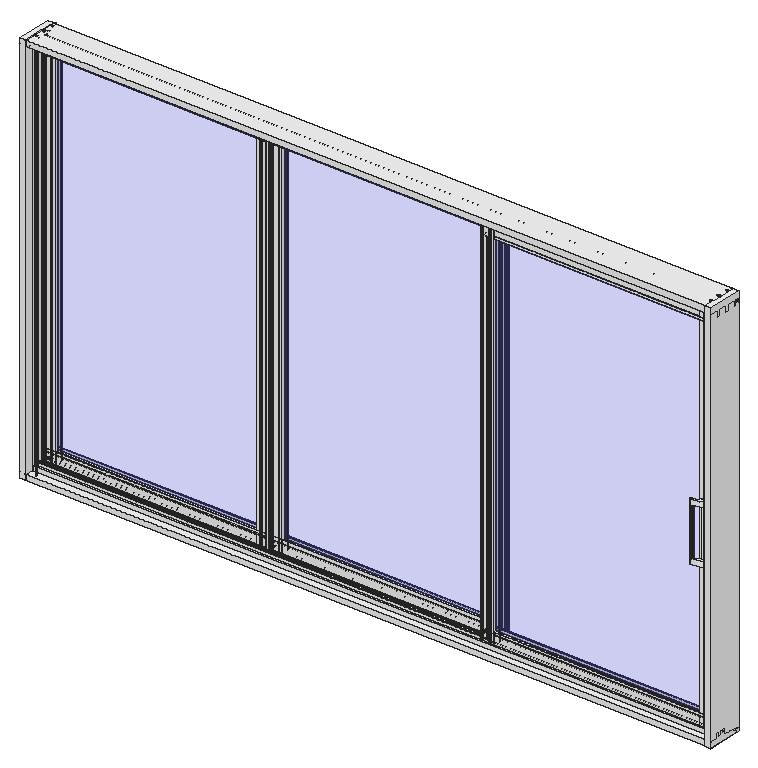
Revit family "Patio-Door_R-550-2-0_3-Light_XOO_7in_Novatech", category Doors, host Wall, Revit 2026
Family settings
  Host = Wall
  Classification Number = 23.30.10.00
  Always vertical = Yes
  Cut with Voids When Loaded = No
  Shared = No
  Room Calculation Point = No
Parameters (values of type "141 7/8"W X 81"H")
  Width Sash X = Width / 3  # 47.29167"
  Width Sash O = Width / 3  # 47.29167"
  Specification = "https://www.arcat.com/company/novatech-group-51586/spec"
  Product Page URL = "https://www.arcat.com/arcatcos/cos51/arc51586.html"
  Model_Sash to Reference Line = (Width - 2 37/128") / 3  # 46.52865"
  View Handle = yes
  URL = "https://www.groupenovatech.com/en_canada_ontario/products/patio‐doors/550.html"
  Thickness = 7 1/4"
  Rough Width = Width + 1/2"  # 142 3/8"
  Rough Height = Height + 1/2"  # 81 1/2"
  Panel Material = Glass
  Model = "550"
  Manufacturer = "Novatech"
  Look Handle = yes
  Keynote = "08 32 00"
  Height Sash X = Height - 3 37/64"  # 77 27/64"
  Height Sash O = Height - 3 37/64"  # 77 27/64"
  Hardware Material = Aluminum
  Handle Height = 38"
  Function = Interior
  Height = 81"
  Wall Closure = By host
  Width = 141 7/8"
  Frame Material = Aluminum
  Description = ""
  Define Thermal Properties by = Schematic Type
  Copyright = "ARCAT"
  CAD Details = "https://www.arcat.com/company/novatech-group-51586/cad"
  Analytic Construction = "<None>"
Reference planes (in)
  plane 1 "Center (Front/Back)": y = 0
  plane 2 "Center (Left/Right)": x = 0
  plane 3 "Left": x = -70.9375
  plane 4 "Right": x = 70.9375
  plane 5 "Top": z = 81
  plane 6 "Exterior": y = 4
  plane 7 "Interior": y = -4
  plane 8 "Panel 1": y = 1.34022
  plane 9 "Panel 2": y = -0.84628
  plane 10: x = -69.79183
  plane 11: z = 1.6351
  plane 12: z = 79.05697
  plane 13: x = 69.79179
  plane 14: z = 38
  plane 15: x = -23.26319
  plane 16: x = 23.26315
Text (in)
  text "Exterior" at (-104.41165, 27.31104, 0), in view "Ref. Level"
  text "Interior" at (-104.41165, -25.14366, 0), in view "Ref. Level"
  text "Exterior" at (0, 40.15149, 123.01588), in view "Right"
  text "Interior" at (0, -64.39139, 123.01588), in view "Right"
  text "Interior" at (0, -31.01599, 123.00693), in view "Left"
  text "Exterior" at (0, 54.57065, 123.00693), in view "Left"
Dimensions and locks (in)
  "Model_Sash to Reference Line": plane 10 to plane 15
  "Model_Sash to Reference Line": plane 16 to plane 13
  locked: plane 3 "Left" to plane 10 at 1.14567
  locked: plane 13 to plane 4 "Right" at 1.14571
  "Height": plane 5 "Top" to level
  "Handle Height": plane 14 to level
  "Width": plane 3 "Left" to plane 4 "Right"
  equal spacing: plane 3 "Left", plane 2 "Center (Left/Right)", plane 4 "Right"
  "Height Sash O": plane 12 to plane 11
  locked: nested 3 to plane 4 "Right" at 2.74072  (x2)
  locked: nested 2 to plane 4 "Right" at 2.74072
  locked: plane 11 to level at 1.6351
  locked: nested 2 to plane 9 "Panel 2" at 0.76968
  locked: plane 9 "Panel 2" to nested 3 at 0.8878
  locked: plane 7 "Interior" to plane 9 "Panel 2" at 3.15372
  locked: plane 7 "Interior" to plane 8 "Panel 1" at 5.34022
  aligned and locked: plane 6 "Exterior" to host wall
  aligned and locked: plane 7 "Interior" to host wall
  aligned and locked: plane 4 "Right" to nested 1  (x2)
  aligned and locked: nested 6 to plane 15
  aligned and locked: nested 4 to plane 15
  aligned and locked: plane 16 to nested 6
  aligned and locked: plane 16 to nested 5
  aligned and locked: plane 13 to nested 1
  aligned and locked: plane 9 "Panel 2" to nested 5
  aligned and locked: plane 8 "Panel 1" to nested 6
  aligned and locked: plane 8 "Panel 1" to nested 4
  aligned and locked: nested 5 to plane 11
  aligned and locked: nested 5 to plane 12
  aligned and locked: nested 6 to plane 12
  aligned and locked: plane 11 to nested 6
  aligned and locked: plane 11 to nested 4
  aligned and locked: nested 4 to plane 12
  aligned and locked: plane 7 "Interior" to nested 1
  aligned and locked: nested 1 to plane 3 "Left"
  aligned and locked: plane 14 to nested 3
  aligned and locked: plane 14 to nested 2
Nested families (in)
  nested 1: "NOVATECH_R-550 (2.0)_3 LIGHT_XOO_7in_DOOR FRAME" at (0, 0, 0), type "DOOR FRAME"
    with Width 141 7/8"
  nested 2: "NOVATECH_R-550 (2.0)_3 LIGHT_XOO_7in_LOOK HANDLE" at (68.19678, -1.73408, 32) x (-1, 0, 0) z (0, 0, 1), visible <- "Look Handle", type "LOOK HANDLE"
  nested 3: "NOVATECH_R-550 (2.0)_3 LIGHT_XOO_7in_VIEW HANDLE" at (68.19678, -1.73408, 32) x (-1, 0, 0) z (0, 0, 1), visible <- "View Handle", type "VIEW HANDLE"
  nested 4: "NOVATECH_R-550 (2.0)_3 LIGHT_XOO_7in_SASH_O_RIGHT" at (-46.52751, 2.11172, 1.6351) x (-1, 0, 0) z (0, 0, 1), type "SASH_O_RIGHT"
    with Height 77 27/64"
  nested 5: "NOVATECH_R-550 (2.0)_3 LIGHT_XOO_7in_SASH_X" at (46.52747, -0.0766, 1.6351) x (-1, 0, 0) z (0, 0, 1), type "SASH_X"
    with Height 77 27/64"
  nested 6: "NOVATECH_R-550 (2.0)_3 LIGHT_XOO_7in_SASH_O_MID" at (0.00114, 2.10991, 1.6351) x (-1, 0, 0) z (0, 0, 1), type "SASH_O_MID"
    with Height 77 27/64"
Definition of nested family "NOVATECH_R-550 (2.0)_3 LIGHT_XOO_7in_DOOR FRAME"
  Parameters (values of type "DOOR FRAME")
    Function = (empty or 0)
    Height = 81"
    Wall Closure = (empty or 0)
    Width = 82 1/2"
    Frame Thickness = 7.24409"
    Frame Material = none
    Define Thermal Properties by = 1
    Analytic Construction = "<None>"
  Reference planes (in)
    plane 1 "Center (Front/Back)": y = 0
    plane 2 "Center (Left/Right)": x = 0
    plane 3 "Left": x = -41.25
    plane 4 "Right": x = 41.25
    plane 5 "Top": z = 81
    plane 6 "Exterior": y = 4
    plane 7 "Interior": y = -4
    plane 8: y = -3.24409
  Lines and regions (in)
    Opening 1
      outline origin (-90, -4, 0) x (1, 0, 0) y (0, 0, 1)
        loop
          line (48.75, 0) -> (131.25, 0) -> (131.25, 81) -> (48.75, 81) -> (48.75, 0)
  Text (in)
    text "Exterior" at (-74.96733, 27.31104, 0), in view "Ref. Level"
    text "Interior" at (-74.96733, -25.14366, 0), in view "Ref. Level"
    text "Exterior" at (0, 40.15149, 123.01588), in view "Right"
    text "Interior" at (0, -64.39139, 123.01588), in view "Right"
    text "Interior" at (0, -31.01599, 123.00693), in view "Left"
    text "Exterior" at (0, 54.57065, 123.00693), in view "Left"
  Dimensions and locks (in)
    equal spacing: plane 3 "Left", plane 2 "Center (Left/Right)", plane 4 "Right"
    "Height": level to plane 5 "Top"
    "Width": plane 3 "Left" to plane 4 "Right"
    "Frame Thickness": plane 6 "Exterior" to plane 8
    aligned and locked: plane 3 "Left" to Opening 1 sketch curve
    aligned and locked: plane 5 "Top" to Opening 1 sketch curve  (x2)
    aligned and locked: Opening 1 sketch curve to plane 4 "Right"
    aligned and locked: Opening 1 sketch curve to level
    aligned and locked: plane 6 "Exterior" to host wall
    aligned and locked: plane 7 "Interior" to host wall
    aligned and locked: nested 2 to plane 3 "Left"
    aligned and locked: nested 2 to plane 4 "Right"
    aligned and locked: nested 3 to plane 6 "Exterior"
    aligned and locked: plane 3 "Left" to nested 3
    aligned and locked: level to nested 2
    aligned and locked: nested 2 to plane 6 "Exterior"
    aligned and locked: plane 6 "Exterior" to nested 1
    aligned and locked: nested 1 to plane 5 "Top"
    aligned and locked: nested 1 to plane 3 "Left"
    aligned and locked: plane 4 "Right" to nested 1
    aligned and locked: plane 6 "Exterior" to nested 4
    aligned and locked: plane 4 "Right" to nested 4
  Nested families (in)
    nested 1: "HEADER PROFILE" at (-41.25, 4.1877, 81), type "HEADER PROFILE"
      with Length 82 1/2"
    nested 2: "NOVATECH_650_2 LIGHT_SILL PROFILE" at (41.25, 4, 0) x (-1, 0, 0) z (0, 0, 1), type "SILL PROFILE"
      with built-in parameter 1001306 6.875 (stored number, unit not read)
    nested 3: "NOVATECH 650_2 LIGHT_DOOR FRAME_LEFT" at (-41.25, 4, 0) x (0, -1, 0) z (0, 0, 1), type "NOVATECH 650_2 LIGHT_DOOR FRAME_LEFT"
    nested 4: "NOVATECH 650_2 LIGHT_DOOR FRAME_RIGHT" at (41.25, 4, 0) x (0, -1, 0) z (0, 0, 1), type "NOVATECH 650_2 LIGHT_DOOR FRAME_RIGHT"
  Definition of nested family "HEADER PROFILE"
    Parameters (values of type "HEADER PROFILE")
      Length [instance] = 12"
      Frame Material = none
      Default Elevation = 0"
    Reference planes (in)
      plane 1 "Center (Front/Back)": y = -0.1877
      plane 2: z = 0
      plane 3 "Center (Left/Right)": x = 0
      plane 4: x = 12
    Forms (in)
      Extrusion 1, solid, material <- "Frame Material"
        sketch origin (0, -7.24409, -4.50465) x (0, 1, 0) y (0, 0, 1)
          loop
            line (5.13279, 3.29203) -> (7.0564, 3.29203) -> (7.0564, 4.50465) -> (-0.1877, 4.50465) -> (-0.1877, 2.55546)
            arc (-0.1877, 2.55546) -> (-0.1552, 2.52297) -> (-0.1227, 2.55547) r 0.0325
            line (-0.1227, 2.55547) -> (-0.12276, 3.29129) -> (0.25521, 3.29129) -> (0.25521, 2.84166)
            arc (0.25521, 2.84166) -> (0.26685, 2.81816) -> (0.29261, 2.8132) r 0.02953
            arc (0.29261, 2.8132) -> (0.31836, 2.81816) -> (0.33, 2.84166) r 0.02953
            line (0.33, 2.84166) -> (0.33, 3.29129) -> (0.69423, 3.29129) -> (0.69423, 2.19955)
            arc (0.69423, 2.19955) -> (0.7118, 2.15713) -> (0.75422, 2.13956) r 0.05999
            line (0.75422, 2.13956) -> (0.81522, 2.13956)
            arc (0.81522, 2.13956) -> (0.85764, 2.15713) -> (0.87521, 2.19955) r 0.05999
            line (0.87521, 2.19955) -> (0.87521, 2.25259)
            arc (0.87521, 2.25259) -> (0.84972, 2.26998) -> (0.82422, 2.25259) r 0.02739
            line (0.82422, 2.25259) -> (0.82422, 2.20455) -> (0.77268, 2.20455)
            arc (0.77268, 2.20455) -> (0.75528, 2.2213) -> (0.75922, 2.24512) r 0.02594
            arc (0.75922, 2.24512) -> (0.77544, 2.26759) -> (0.75922, 2.29005) r 0.02367
            line (0.75922, 2.29005) -> (0.75922, 2.33559)
            arc (0.75922, 2.33559) -> (0.77473, 2.35806) -> (0.75922, 2.38052) r 0.02403
            line (0.75922, 2.38052) -> (0.75922, 2.42611)
            arc (0.75922, 2.42611) -> (0.7747, 2.44857) -> (0.75922, 2.47104) r 0.02404
            arc (0.75922, 2.47104) -> (0.75299, 2.49662) -> (0.77468, 2.51157) r 0.02321
            line (0.77468, 2.51157) -> (0.82422, 2.51157) -> (0.82422, 2.46357)
            arc (0.82422, 2.46357) -> (0.84972, 2.44456) -> (0.87521, 2.46357) r 0.0266
            line (0.87521, 2.46357) -> (0.87521, 3.29129) -> (2.68703, 3.29129) -> (2.68703, 2.46238)
            arc (2.68703, 2.46238) -> (2.71103, 2.44596) -> (2.73803, 2.45675) r 0.03088
            line (2.73803, 2.45675) -> (2.73803, 2.49661)
            arc (2.73803, 2.49661) -> (2.76353, 2.51731) -> (2.78902, 2.49661) r 0.02605
            line (2.78902, 2.49661) -> (2.78902, 2.21955)
            arc (2.78902, 2.21955) -> (2.76353, 2.20165) -> (2.73803, 2.21955) r 0.02711
            line (2.73803, 2.21955) -> (2.73803, 2.25254)
            arc (2.73803, 2.25254) -> (2.71253, 2.26976) -> (2.68703, 2.25254) r 0.02749
            line (2.68703, 2.25254) -> (2.68703, 2.19955)
            arc (2.68703, 2.19955) -> (2.70461, 2.15713) -> (2.74703, 2.13956) r 0.05999
            line (2.74703, 2.13956) -> (2.98101, 2.13956)
            arc (2.98101, 2.13956) -> (3.02343, 2.15713) -> (3.041, 2.19955) r 0.05999
            line (3.041, 2.19955) -> (3.041, 2.25254)
            arc (3.041, 2.25254) -> (3.0155, 2.27015) -> (2.99, 2.25254) r 0.02726
            line (2.99, 2.25254) -> (2.99, 2.21955)
            arc (2.99, 2.21955) -> (2.96451, 2.20197) -> (2.93901, 2.21955) r 0.02728
            line (2.93901, 2.21955) -> (2.93901, 2.49661)
            arc (2.93901, 2.49661) -> (2.96451, 2.51514) -> (2.99, 2.49661) r 0.02681
            line (2.99, 2.49661) -> (2.99, 2.46362)
            arc (2.99, 2.46362) -> (3.0155, 2.44518) -> (3.041, 2.46362) r 0.02685
            line (3.041, 2.46362) -> (3.041, 3.29129) -> (4.85282, 3.29129) -> (4.85282, 2.60608) -> (4.85282, 2.46358)
            arc (4.85282, 2.46358) -> (4.87832, 2.44433) -> (4.90382, 2.46358) r 0.02651
            line (4.90382, 2.46358) -> (4.90382, 2.49665)
            arc (4.90382, 2.49665) -> (4.92931, 2.51514) -> (4.95481, 2.49665) r 0.02682
            line (4.95481, 2.49665) -> (4.95481, 2.21951)
            arc (4.95481, 2.21951) -> (4.92931, 2.20154) -> (4.90382, 2.21951) r 0.02707
            line (4.90382, 2.21951) -> (4.90382, 2.25258)
            arc (4.90382, 2.25258) -> (4.87832, 2.2698) -> (4.85282, 2.25258) r 0.02749
            line (4.85282, 2.25258) -> (4.85282, 2.1994)
            arc (4.85282, 2.1994) -> (4.87035, 2.15709) -> (4.91266, 2.13956) r 0.05984
            line (4.91266, 2.13956) -> (5.09278, 2.13956)
            arc (5.09278, 2.13956) -> (5.12107, 2.15127) -> (5.13278, 2.17956) r 0.04
            line (5.13278, 2.17956) -> (5.13279, 3.29203)
        from 0 to 12
    Dimensions and locks (in)
      "Length": plane 3 "Center (Left/Right)" to plane 4
      aligned and locked: plane 2 to level
      aligned and locked: Extrusion 1 to plane 4
      aligned and locked: Extrusion 1 to plane 3 "Center (Left/Right)"
    Automatic sketch dimensions
      Extrusion 1 sketch curve to level = 0"
      plane 1 "Center (Front/Back)" to Extrusion 1 sketch curve = 7.24409"
      Extrusion 1 sketch curve to Extrusion 1 sketch curve = 0.0325"  (x2)
      Extrusion 1 sketch curve to Extrusion 1 sketch curve = 0.03244"
      Extrusion 1 sketch curve to Extrusion 1 sketch curve = 0.37797"
      Extrusion 1 sketch curve to Extrusion 1 sketch curve = 0"  (x15)
      Extrusion 1 sketch curve to Extrusion 1 sketch curve = 0.02953"  (x2)
      Extrusion 1 sketch curve to Extrusion 1 sketch curve = 0.01574"
      Extrusion 1 sketch curve to Extrusion 1 sketch curve = 0.0748"
      Extrusion 1 sketch curve to Extrusion 1 sketch curve = 0.36423"
      Extrusion 1 sketch curve to Extrusion 1 sketch curve = 0.05643"
      Extrusion 1 sketch curve to Extrusion 1 sketch curve = 0.00004"
      Extrusion 1 sketch curve to Extrusion 1 sketch curve = 0.05754"
      Extrusion 1 sketch curve to Extrusion 1 sketch curve = 0.05999"  (x2)
      Extrusion 1 sketch curve to Extrusion 1 sketch curve = 0.00745"
      Extrusion 1 sketch curve to Extrusion 1 sketch curve = 0.00852"
      Extrusion 1 sketch curve to Extrusion 1 sketch curve = 0.01845"
      Extrusion 1 sketch curve to Extrusion 1 sketch curve = 0.02402"
      Extrusion 1 sketch curve to Extrusion 1 sketch curve = 0.00722"
      Extrusion 1 sketch curve to Extrusion 1 sketch curve = 0.04254"
      Extrusion 1 sketch curve to Extrusion 1 sketch curve = 0.009"  (x4)
      Extrusion 1 sketch curve to Extrusion 1 sketch curve = 0.04954"
      Extrusion 1 sketch curve to Extrusion 1 sketch curve = 0.0255"  (x24)
      Extrusion 1 sketch curve to Extrusion 1 sketch curve = 0.18098"
      Extrusion 1 sketch curve to Extrusion 1 sketch curve = 1.81182"  (x2)
      Extrusion 1 sketch curve to Extrusion 1 sketch curve = 0.02738"
      Extrusion 1 sketch curve to Extrusion 1 sketch curve = 0.02361"
      Extrusion 1 sketch curve to level = 2.00804"
      Extrusion 1 sketch curve to level = 2.2851"
      Extrusion 1 sketch curve to Extrusion 1 sketch curve = 0.14999"
      Extrusion 1 sketch curve to Extrusion 1 sketch curve = 0.0165"
      Extrusion 1 sketch curve to level = 1.21336"
      Extrusion 1 sketch curve to Extrusion 1 sketch curve = 0.00885"  (x2)
      Extrusion 1 sketch curve to level = 2.008"
      Extrusion 1 sketch curve to level = 2 73/256"
      Extrusion 1 sketch curve to Extrusion 1 sketch curve = 0.13797"
      Extrusion 1 sketch curve to level = 2.32509"
      Extrusion 1 sketch curve to Extrusion 1 sketch curve = 0.04"  (x2)
      Extrusion 1 sketch curve to level = 1.21262"
      Extrusion 1 sketch curve to Extrusion 1 sketch curve = 0.27997"
      Extrusion 1 sketch curve to Extrusion 1 sketch curve = 1.9236"
      Extrusion 1 sketch curve to Extrusion 1 sketch curve = 0.07999"  (x2)
      Extrusion 1 sketch curve to Extrusion 1 sketch curve = 0.07995"
      Extrusion 1 sketch curve to Extrusion 1 sketch curve = 0.005"
      Extrusion 1 sketch curve to Extrusion 1 sketch curve = 0.02"
      Extrusion 1 sketch curve to Extrusion 1 sketch curve = 0.0091"
      Extrusion 1 sketch curve to Extrusion 1 sketch curve = 0.0092"
      Extrusion 1 sketch curve to Extrusion 1 sketch curve = 0.00969"
      Extrusion 1 sketch curve to Extrusion 1 sketch curve = 0.02491"
      Extrusion 1 sketch curve to Extrusion 1 sketch curve = 0.02272"
      Extrusion 1 sketch curve to Extrusion 1 sketch curve = 0.0228"
      Extrusion 1 sketch curve to Extrusion 1 sketch curve = 0.03804"
      Extrusion 1 sketch curve to Extrusion 1 sketch curve = 0.02334"
      Extrusion 1 sketch curve to Extrusion 1 sketch curve = 0.01027"
      Extrusion 1 sketch curve to Extrusion 1 sketch curve = 0.00965"
      Extrusion 1 sketch curve to Extrusion 1 sketch curve = 0.01026"
      Extrusion 1 sketch curve to Extrusion 1 sketch curve = 0.01"
      Extrusion 1 sketch curve to Extrusion 1 sketch curve = 0.03813"
      Extrusion 1 sketch curve to Extrusion 1 sketch curve = 0.02246"  (x3)
      Extrusion 1 sketch curve to Extrusion 1 sketch curve = 0.04554"
      Extrusion 1 sketch curve to Extrusion 1 sketch curve = 0.04558"
      Extrusion 1 sketch curve to Extrusion 1 sketch curve = 0.03986"
      Extrusion 1 sketch curve to Extrusion 1 sketch curve = 0.00563"
      Extrusion 1 sketch curve to Extrusion 1 sketch curve = 0.03746"
      Extrusion 1 sketch curve to Extrusion 1 sketch curve = 0.03306"
      Extrusion 1 sketch curve to Extrusion 1 sketch curve = 0.21108"
      Extrusion 1 sketch curve to Extrusion 1 sketch curve = 0.00726"
      Extrusion 1 sketch curve to Extrusion 1 sketch curve = 0.00759"
      Extrusion 1 sketch curve to Extrusion 1 sketch curve = 0.0084"
      Extrusion 1 sketch curve to Extrusion 1 sketch curve = 0.00833"
      Extrusion 1 sketch curve to Extrusion 1 sketch curve = 0.02471"
      Extrusion 1 sketch curve to Extrusion 1 sketch curve = 0.03978"
      Extrusion 1 sketch curve to Extrusion 1 sketch curve = 0.00535"
      Extrusion 1 sketch curve to Extrusion 1 sketch curve = 0.00828"
      Extrusion 1 sketch curve to Extrusion 1 sketch curve = 0.0404"
      Extrusion 1 sketch curve to Extrusion 1 sketch curve = 0.10689"
      Extrusion 1 sketch curve to Extrusion 1 sketch curve = 0.10943"
      Extrusion 1 sketch curve to Extrusion 1 sketch curve = 0.28619"
      Extrusion 1 sketch curve to Extrusion 1 sketch curve = 0.44963"
      Extrusion 1 sketch curve to Extrusion 1 sketch curve = 0.79468"
  Definition of nested family "NOVATECH_650_2 LIGHT_SILL PROFILE"
    Parameters (values of type "SILL PROFILE")
      built-in parameter 1001306 [instance] = 54"
      Frame Material = none
      Default Elevation = 0"
    Reference planes (in)
      plane 1 "Center (Front/Back)": y = 0
      plane 2: z = 0
      plane 3 "Left": x = 0
      plane 4 "Right": x = 54
    Forms (in)
      Extrusion 1, solid, material <- "Frame Material"
        sketch origin (0, 0, 0) x (0, 1, 0) y (0, 0, 1)
          loop
            line (-1.60466, 2.01964) -> (-1.97166, 2.01964)
            arc (-1.97166, 2.01964) -> (-1.99393, 2.01041) -> (-2.00316, 1.98814) r 0.0315
            line (-2.00316, 1.98814) -> (-2.00316, 1.24798)
            arc (-2.00316, 1.24798) -> (-2.00893, 1.23406) -> (-2.02284, 1.22829) r 0.01969
            line (-2.02284, 1.22829) -> (-2.10717, 1.22829) -> (-2.76167, 1.2049)
            arc (-2.76167, 1.2049) -> (-2.77604, 1.21041) -> (-2.78206, 1.22458) r 0.01969
            line (-2.78206, 1.22458) -> (-2.78206, 2.04394) -> (-2.85705, 2.04394) -> (-2.85705, 1.93761) -> (-3.02547, 1.93761)
            arc (-3.02547, 1.93761) -> (-3.04635, 1.92896) -> (-3.055, 1.90808) r 0.02953
            line (-3.055, 1.90808) -> (-3.055, 1.8555) -> (-2.99779, 1.88924) -> (-2.99779, 1.76041)
            arc (-2.99779, 1.76041) -> (-3.00356, 1.74649) -> (-3.01748, 1.74072) r 0.01969
            line (-3.01748, 1.74072) -> (-3.09699, 1.74072) -> (-3.1765, 1.74072)
            arc (-3.1765, 1.74072) -> (-3.19042, 1.74649) -> (-3.19619, 1.76041) r 0.01969
            line (-3.19619, 1.76041) -> (-3.19619, 1.88924) -> (-3.13899, 1.8555) -> (-3.13899, 1.90808)
            arc (-3.13899, 1.90808) -> (-3.14763, 1.92896) -> (-3.16851, 1.93761) r 0.02953
            line (-3.16851, 1.93761) -> (-3.33693, 1.93761) -> (-3.33693, 2.04394) -> (-3.41192, 2.04394) -> (-3.41192, 1.48427)
            arc (-3.41192, 1.48427) -> (-3.40452, 1.46889) -> (-3.38788, 1.46507) r 0.01969
            line (-3.38788, 1.46507) -> (-3.3176, 1.48102)
            arc (-3.3176, 1.48102) -> (-3.30096, 1.47721) -> (-3.29356, 1.46183) r 0.01969
            line (-3.29356, 1.46183) -> (-3.29356, 1.18628) -> (-4.97076, 0.93481) -> (-4.97076, 0.87524)
            arc (-4.97076, 0.87524) -> (-4.9641, 0.86049) -> (-4.94863, 0.85571) r 0.01969
            line (-4.94863, 0.85571) -> (-4.91414, 0.86002)
            arc (-4.91414, 0.86002) -> (-4.89867, 0.85524) -> (-4.89202, 0.84049) r 0.01969
            line (-4.89202, 0.84049) -> (-4.89202, 0.77725)
            arc (-4.89202, 0.77725) -> (-4.89778, 0.76333) -> (-4.9117, 0.75756) r 0.01969
            line (-4.9117, 0.75756) -> (-5.072, 0.75756)
            arc (-5.072, 0.75756) -> (-5.08592, 0.76333) -> (-5.09168, 0.77726) r 0.01969
            line (-5.09168, 0.77726) -> (-5.09164, 0.89401)
            arc (-5.09164, 0.89401) -> (-5.09848, 0.90893) -> (-5.11425, 0.91348) r 0.01969
            line (-5.11425, 0.91348) -> (-5.72297, 0.82194)
            arc (-5.72297, 0.82194) -> (-5.7418, 0.81101) -> (-5.74904, 0.79048) r 0.03151
            arc (-5.74904, 0.79048) -> (-5.74236, 0.77568) -> (-5.72684, 0.77092) r 0.01971
            line (-5.72684, 0.77092) -> (-5.69246, 0.77531)
            arc (-5.69246, 0.77531) -> (-5.67696, 0.77056) -> (-5.67028, 0.75579) r 0.01969
            line (-5.67028, 0.75579) -> (-5.67028, 0.64717) -> (-6.09258, 0.64717) -> (-6.66348, 0.54995) -> (-6.66348, 0.37078)
            arc (-6.66348, 0.37078) -> (-6.66925, 0.35686) -> (-6.68316, 0.3511) r 0.01969
            line (-6.68316, 0.3511) -> (-6.79093, 0.3511) -> (-6.79093, 0.43301)
            arc (-6.79093, 0.43301) -> (-6.78324, 0.44862) -> (-6.76583, 0.45336) r 0.01969
            arc (-6.76583, 0.45336) -> (-6.74515, 0.46041) -> (-6.74373, 0.48222) r 0.01969
            line (-6.74373, 0.48222) -> (-6.77208, 0.53133) -> (-6.833, 0.52091)
            arc (-6.833, 0.52091) -> (-6.85646, 0.50749) -> (-6.86573, 0.4821) r 0.03937
            line (-6.86573, 0.4821) -> (-6.86573, 0.01969)
            arc (-6.86573, 0.01969) -> (-6.85997, 0.00577) -> (-6.84605, 0) r 0.01969
            line (-6.84605, 0) -> (0, 0) -> (0, 1.13391) -> (-1.57316, 1.13391) -> (-1.57316, 1.98814)
            arc (-1.57316, 1.98814) -> (-1.58238, 2.01041) -> (-1.60466, 2.01964) r 0.0315
          loop
            line (-2.87656, 1.97702) -> (-2.87656, 2.04394) -> (-3.0025, 2.04394) -> (-3.0025, 2.1046)
            arc (-3.0025, 2.1046) -> (-3.09699, 2.19912) -> (-3.19151, 2.10464) r 0.09451
            line (-3.19151, 2.10464) -> (-3.19153, 2.04394) -> (-3.31746, 2.04394) -> (-3.31746, 1.97702) -> (-3.13045, 1.97702) -> (-3.13045, 1.83834) -> (-3.16147, 1.83834) -> (-3.12411, 1.77508)
            arc (-3.12411, 1.77508) -> (-3.09698, 1.7596) -> (-3.06986, 1.7751) r 0.0315
            line (-3.06986, 1.7751) -> (-3.03256, 1.83834) -> (-3.06357, 1.83834) -> (-3.06357, 1.97702) -> (-2.87656, 1.97702)
          loop
            line (-6.87745, 0.01181) -> (-6.87745, 0.09008)
            arc (-6.87745, 0.09008) -> (-6.90305, 0.11568) -> (-6.92865, 0.09008) r 0.0256
            arc (-6.92865, 0.09008) -> (-6.93737, 0.07333) -> (-6.95609, 0.07086) r 0.02045
            line (-6.95609, 0.07086) -> (-7.02501, 0.07086) -> (-7.13129, 0.13258)
            arc (-7.13129, 0.13258) -> (-7.15552, 0.1411) -> (-7.18118, 0.14017) r 0.0689
            line (-7.18118, 0.14017) -> (-7.18118, 0.25595)
            arc (-7.18118, 0.25595) -> (-7.07082, 0.29546) -> (-6.99732, 0.38678) r 0.21608
            line (-6.99732, 0.38678) -> (-6.98552, 0.50797) -> (-6.75928, 0.54706)
            arc (-6.75928, 0.54706) -> (-6.73813, 0.53865) -> (-6.73103, 0.51702) r 0.02687
            line (-6.73103, 0.51702) -> (-6.73103, 0.44056) -> (-6.77921, 0.42845) -> (-6.73444, 0.37879)
            arc (-6.73444, 0.37879) -> (-6.69932, 0.37038) -> (-6.67887, 0.40014) r 0.03189
            line (-6.67887, 0.40014) -> (-6.67887, 0.55969) -> (-5.68427, 0.72708)
            arc (-5.68427, 0.72708) -> (-5.68086, 0.74806) -> (-5.69167, 0.76637) r 0.03124
            line (-5.69167, 0.76637) -> (-6.12569, 0.69171)
            arc (-6.12569, 0.69171) -> (-6.14627, 0.70023) -> (-6.15479, 0.72081) r 0.02911
            line (-6.15479, 0.72081) -> (-6.15479, 0.77263)
            arc (-6.15479, 0.77263) -> (-6.14743, 0.79042) -> (-6.12963, 0.79779) r 0.02516
            arc (-6.12963, 0.79779) -> (-6.11387, 0.8259) -> (-6.13385, 0.85118) r 0.02896
            line (-6.13385, 0.85118) -> (-6.19344, 0.85118)
            arc (-6.19344, 0.85118) -> (-6.20734, 0.84542) -> (-6.2131, 0.83152) r 0.01966
            line (-6.2131, 0.83152) -> (-6.2131, 0.6864) -> (-6.73039, 0.59916) -> (-6.73039, 0.84113)
            arc (-6.73039, 0.84113) -> (-6.75992, 0.87066) -> (-6.78945, 0.84113) r 0.02953
            line (-6.78945, 0.84113) -> (-6.78945, 0.5892) -> (-7.23971, 0.51327) -> (-7.23983, 0.46347)
            arc (-7.23983, 0.46347) -> (-7.19788, 0.40897) -> (-7.13459, 0.4359) r 0.05619
            arc (-7.13459, 0.4359) -> (-7.07593, 0.45232) -> (-7.05978, 0.39358) r 0.04298
            arc (-7.05978, 0.39358) -> (-7.12691, 0.33056) -> (-7.21783, 0.316) r 0.15703
            arc (-7.21783, 0.316) -> (-7.23345, 0.31137) -> (-7.24023, 0.29655) r 0.01969
            line (-7.24023, 0.29655) -> (-7.24023, 0.05364) -> (-7.17579, 0.03477) -> (-7.17579, 0.09012) -> (-7.10543, 0.04927) -> (-7.10543, 0.01181) -> (-6.87745, 0.01181)
        from 0 to 54
    Lines and regions (in)
      reference lines
        curve 1: line (0, 0, 0) -> (54, 0, 0)
    Dimensions and locks (in)
      "built-in parameter 1001306": plane 3 "Left" to plane 4 "Right"
      aligned and locked: plane 4 "Right" to curve 1
      aligned and locked: plane 1 "Center (Front/Back)" to curve 1
      aligned and locked: plane 3 "Left" to curve 1
      aligned and locked: level to plane 2
      aligned and locked: Extrusion 1 to curve 1
      aligned and locked: Extrusion 1 to plane 3 "Left"
    Automatic sketch dimensions
      Extrusion 1 sketch curve to Extrusion 1 sketch curve = 0"  (x14)
      level to Extrusion 1 sketch curve = 0.05364"
      plane 1 "Center (Front/Back)" to Extrusion 1 sketch curve = 7.24023"
      level to Extrusion 1 sketch curve = 0.46347"
      Extrusion 1 sketch curve to Extrusion 1 sketch curve = 0.00041"
      level to Extrusion 1 sketch curve = 0.51327"
      Extrusion 1 sketch curve to Extrusion 1 sketch curve = 0.00012"
      Extrusion 1 sketch curve to Extrusion 1 sketch curve = 0.01968"
      Extrusion 1 sketch curve to Extrusion 1 sketch curve = 0.04373"
      Extrusion 1 sketch curve to Extrusion 1 sketch curve = 0.01246"
      Extrusion 1 sketch curve to Extrusion 1 sketch curve = 0.05906"
      Extrusion 1 sketch curve to Extrusion 1 sketch curve = 0.00539"
      Extrusion 1 sketch curve to Extrusion 1 sketch curve = 0.0099"
      level to Extrusion 1 sketch curve = 0.13258"
      Extrusion 1 sketch curve to Extrusion 1 sketch curve = 0.04989"
      level to Extrusion 1 sketch curve = 0.04927"
      Extrusion 1 sketch curve to Extrusion 1 sketch curve = 0.06046"
      Extrusion 1 sketch curve to Extrusion 1 sketch curve = 0.08655"
      level to Extrusion 1 sketch curve = 0.07086"
      Extrusion 1 sketch curve to Extrusion 1 sketch curve = 0.08042"
      level to Extrusion 1 sketch curve = 0.38678"
      Extrusion 1 sketch curve to Extrusion 1 sketch curve = 0.09976"
      level to Extrusion 1 sketch curve = 0.50797"
      Extrusion 1 sketch curve to Extrusion 1 sketch curve = 0.0118"
      Extrusion 1 sketch curve to Extrusion 1 sketch curve = 0.06892"
      Extrusion 1 sketch curve to Extrusion 1 sketch curve = 0.00699"
      Extrusion 1 sketch curve to Extrusion 1 sketch curve = 0.04604"
      Extrusion 1 sketch curve to Extrusion 1 sketch curve = 0.0256"
      Extrusion 1 sketch curve to Extrusion 1 sketch curve = 3/256"  (x2)
      Extrusion 1 sketch curve to Extrusion 1 sketch curve = 0.01969"  (x11)
      level to Extrusion 1 sketch curve = 0.52091"
      Extrusion 1 sketch curve to Extrusion 1 sketch curve = 0.03273"
      Extrusion 1 sketch curve to Extrusion 1 sketch curve = 0.00664"
      Extrusion 1 sketch curve to Extrusion 1 sketch curve = 0.03544"
      level to Extrusion 1 sketch curve = 0.5892"
      Extrusion 1 sketch curve to Extrusion 1 sketch curve = 0.04355"
      level to Extrusion 1 sketch curve = 0.42845"
      Extrusion 1 sketch curve to Extrusion 1 sketch curve = 0.04715"
      level to Extrusion 1 sketch curve = 0.53133"
      Extrusion 1 sketch curve to Extrusion 1 sketch curve = 0.01737"
      Extrusion 1 sketch curve to Extrusion 1 sketch curve = 0.00797"
      Extrusion 1 sketch curve to Extrusion 1 sketch curve = 0.01047"
      Extrusion 1 sketch curve to Extrusion 1 sketch curve = 0.02953"  (x2)
      level to Extrusion 1 sketch curve = 0.54706"
      Extrusion 1 sketch curve to Extrusion 1 sketch curve = 0.0128"
      Extrusion 1 sketch curve to Extrusion 1 sketch curve = 0.01437"
      level to Extrusion 1 sketch curve = 0.48222"
      Extrusion 1 sketch curve to Extrusion 1 sketch curve = 0.01705"
      level to Extrusion 1 sketch curve = 0.37879"
      Extrusion 1 sketch curve to Extrusion 1 sketch curve = 0.05649"
      Extrusion 1 sketch curve to Extrusion 1 sketch curve = 0.02668"
      Extrusion 1 sketch curve to Extrusion 1 sketch curve = 0.02369"
      Extrusion 1 sketch curve to Extrusion 1 sketch curve = 0.02759"
      level to Extrusion 1 sketch curve = 0.55969"
      Extrusion 1 sketch curve to Extrusion 1 sketch curve = 0.05152"
      Extrusion 1 sketch curve to Extrusion 1 sketch curve = 0.01539"
      Extrusion 1 sketch curve to Extrusion 1 sketch curve = 0.51729"
      Extrusion 1 sketch curve to Extrusion 1 sketch curve = 0.01966"
      Extrusion 1 sketch curve to Extrusion 1 sketch curve = 0.03864"
      Extrusion 1 sketch curve to Extrusion 1 sketch curve = 0.05069"
      Extrusion 1 sketch curve to Extrusion 1 sketch curve = 0.00889"
      Extrusion 1 sketch curve to Extrusion 1 sketch curve = 0.02516"
      level to Extrusion 1 sketch curve = 0.69171"
      Extrusion 1 sketch curve to Extrusion 1 sketch curve = 0.02911"
      Extrusion 1 sketch curve to Extrusion 1 sketch curve = 0.0331"
      Extrusion 1 sketch curve to Extrusion 1 sketch curve = 0.36325"
      level to Extrusion 1 sketch curve = 0.77092"
      Extrusion 1 sketch curve to Extrusion 1 sketch curve = 0.0025"
      Extrusion 1 sketch curve to Extrusion 1 sketch curve = 0.01179"
      Extrusion 1 sketch curve to Extrusion 1 sketch curve = 0.01527"
      level to Extrusion 1 sketch curve = 0.77531"
      Extrusion 1 sketch curve to Extrusion 1 sketch curve = 0.02508"
      level to Extrusion 1 sketch curve = 0.76637"
      Extrusion 1 sketch curve to Extrusion 1 sketch curve = 0.00079"
      Extrusion 1 sketch curve to Extrusion 1 sketch curve = 0.0017"
      level to Extrusion 1 sketch curve = 0.72708"
      Extrusion 1 sketch curve to Extrusion 1 sketch curve = 0.0057"
      level to Extrusion 1 sketch curve = 0.91348"
      Extrusion 1 sketch curve to Extrusion 1 sketch curve = 0.55604"
      Extrusion 1 sketch curve to Extrusion 1 sketch curve = 0.00292"
      level to Extrusion 1 sketch curve = 0.77726"
      Extrusion 1 sketch curve to Extrusion 1 sketch curve = 0.01964"
      level to Extrusion 1 sketch curve = 0.89401"
      level to Extrusion 1 sketch curve = 0.93481"
      Extrusion 1 sketch curve to Extrusion 1 sketch curve = 0.12088"
      level to Extrusion 1 sketch curve = 0.85571"
      Extrusion 1 sketch curve to Extrusion 1 sketch curve = 0.00244"  (x3)
      level to Extrusion 1 sketch curve = 0.86002"
      Extrusion 1 sketch curve to Extrusion 1 sketch curve = 0.03449"
      Extrusion 1 sketch curve to Extrusion 1 sketch curve = 1.4801"
      Extrusion 1 sketch curve to Extrusion 1 sketch curve = 0.00436"  (x2)
      Extrusion 1 sketch curve to Extrusion 1 sketch curve = 0.07499"  (x2)
      Extrusion 1 sketch curve to Extrusion 1 sketch curve = 0.07028"
      Extrusion 1 sketch curve to Extrusion 1 sketch curve = 0.01946"
      Extrusion 1 sketch curve to Extrusion 1 sketch curve = 0.14074"
      Extrusion 1 sketch curve to Extrusion 1 sketch curve = 0.12593"
      Extrusion 1 sketch curve to Extrusion 1 sketch curve = 0.02767"  (x2)
      Extrusion 1 sketch curve to Extrusion 1 sketch curve = 0.03472"
      Extrusion 1 sketch curve to Extrusion 1 sketch curve = 0.02248"
      Extrusion 1 sketch curve to Extrusion 1 sketch curve = 0.00853"
      Extrusion 1 sketch curve to Extrusion 1 sketch curve = 0.09451"
      Extrusion 1 sketch curve to Extrusion 1 sketch curve = 0.07951"
      Extrusion 1 sketch curve to Extrusion 1 sketch curve = 0.02713"
      Extrusion 1 sketch curve to Extrusion 1 sketch curve = 0.06688"
      Extrusion 1 sketch curve to Extrusion 1 sketch curve = 0.00858"
      Extrusion 1 sketch curve to Extrusion 1 sketch curve = 0.02244"
      Extrusion 1 sketch curve to Extrusion 1 sketch curve = 0.05238"
      Extrusion 1 sketch curve to Extrusion 1 sketch curve = 0.06107"
      level to Extrusion 1 sketch curve = 2.1046"
      Extrusion 1 sketch curve to Extrusion 1 sketch curve = 0.12594"
      Extrusion 1 sketch curve to Extrusion 1 sketch curve = 0.01951"
      Extrusion 1 sketch curve to Extrusion 1 sketch curve = 0.0007"
      Extrusion 1 sketch curve to Extrusion 1 sketch curve = 0.6545"
      Extrusion 1 sketch curve to Extrusion 1 sketch curve = 0.08433"
      Extrusion 1 sketch curve to Extrusion 1 sketch curve = 0.0315"  (x2)
      Extrusion 1 sketch curve to Extrusion 1 sketch curve = 0.36701"
      Extrusion 1 sketch curve to Extrusion 1 sketch curve = 1.57316"
      Extrusion 1 sketch curve to Extrusion 1 sketch curve = 0.01887"
      Extrusion 1 sketch curve to Extrusion 1 sketch curve = 0.05118"
      Extrusion 1 sketch curve to Extrusion 1 sketch curve = 0.00788"
      Extrusion 1 sketch curve to Extrusion 1 sketch curve = 0.03822"
      Extrusion 1 sketch curve to Extrusion 1 sketch curve = 0.01921"
      Extrusion 1 sketch curve to Extrusion 1 sketch curve = 0.01713"
      Extrusion 1 sketch curve to Extrusion 1 sketch curve = 0.11578"
      Extrusion 1 sketch curve to Extrusion 1 sketch curve = 0.04055"
      Extrusion 1 sketch curve to Extrusion 1 sketch curve = 0.00005"  (x2)
      Extrusion 1 sketch curve to Extrusion 1 sketch curve = 0.02769"
      Extrusion 1 sketch curve to Extrusion 1 sketch curve = 0.02813"
      Extrusion 1 sketch curve to Extrusion 1 sketch curve = 0.00456"
      Extrusion 1 sketch curve to Extrusion 1 sketch curve = 0.00755"
      Extrusion 1 sketch curve to Extrusion 1 sketch curve = 0.00819"
      Extrusion 1 sketch curve to Extrusion 1 sketch curve = 0.00984"
      Extrusion 1 sketch curve to Extrusion 1 sketch curve = 0.0348"
      Extrusion 1 sketch curve to Extrusion 1 sketch curve = 0.00973"
      Extrusion 1 sketch curve to Extrusion 1 sketch curve = 0.0521"
      Extrusion 1 sketch curve to Extrusion 1 sketch curve = 0.04453"
      Extrusion 1 sketch curve to Extrusion 1 sketch curve = 0.03441"
      Extrusion 1 sketch curve to Extrusion 1 sketch curve = 0.08292"
      Extrusion 1 sketch curve to Extrusion 1 sketch curve = 0.05181"
      Extrusion 1 sketch curve to Extrusion 1 sketch curve = 0.01955"
      Extrusion 1 sketch curve to Extrusion 1 sketch curve = 0.00043"
      Extrusion 1 sketch curve to Extrusion 1 sketch curve = 0.02583"
      Extrusion 1 sketch curve to Extrusion 1 sketch curve = 0.24197"
      Extrusion 1 sketch curve to Extrusion 1 sketch curve = 0.97069"
      Extrusion 1 sketch curve to Extrusion 1 sketch curve = 0.91832"
      Extrusion 1 sketch curve to Extrusion 1 sketch curve = 0.01862"
      Extrusion 1 sketch curve to Extrusion 1 sketch curve = 0.09438"
      Extrusion 1 sketch curve to Extrusion 1 sketch curve = 0.27555"
      Extrusion 1 sketch curve to Extrusion 1 sketch curve = 0.01595"
      Extrusion 1 sketch curve to Extrusion 1 sketch curve = 0.36388"
      Extrusion 1 sketch curve to Extrusion 1 sketch curve = 0.03437"
      Extrusion 1 sketch curve to Extrusion 1 sketch curve = 0.016"
      Extrusion 1 sketch curve to Extrusion 1 sketch curve = 0.04724"
      Extrusion 1 sketch curve to Extrusion 1 sketch curve = 0.06324"
      Extrusion 1 sketch curve to Extrusion 1 sketch curve = 0.01716"  (x2)
      Extrusion 1 sketch curve to Extrusion 1 sketch curve = 0.0509"  (x2)
      Extrusion 1 sketch curve to Extrusion 1 sketch curve = 0.05258"
      Extrusion 1 sketch curve to Extrusion 1 sketch curve = 0.01884"
      Extrusion 1 sketch curve to Extrusion 1 sketch curve = 0.03941"  (x2)
      Extrusion 1 sketch curve to Extrusion 1 sketch curve = 0.74016"
      Extrusion 1 sketch curve to Extrusion 1 sketch curve = 0.06066"
      Extrusion 1 sketch curve to Extrusion 1 sketch curve = 0.06693"
      level to Extrusion 1 sketch curve = 0.43301"
      Extrusion 1 sketch curve to Extrusion 1 sketch curve = 0.00506"
      Extrusion 1 sketch curve to Extrusion 1 sketch curve = 0.00035"
      Extrusion 1 sketch curve to Extrusion 1 sketch curve = 0.00544"
      level to Extrusion 1 sketch curve = 0.82203"
      Extrusion 1 sketch curve to Extrusion 1 sketch curve = 0.02716"
  Definition of nested family "NOVATECH 650_2 LIGHT_DOOR FRAME_LEFT"
    Parameters (values of type "NOVATECH 650_2 LIGHT_DOOR FRAME_LEFT")
      Length = 81"
      Frame Material = none
      Default Elevation = 0"
    Reference planes (in)
      plane 1 "Center (Front/Back)": y = 0
      plane 2: z = 0
      plane 3 "Center (Left/Right)": x = 0
      plane 4: z = 81
    Forms (in)
      Extrusion 1, solid, material <- "Frame Material"
        sketch origin (0, 0, 0) x (1, 0, 0) y (0, 1, 0)
          loop
            line (7.24408, 0) -> (0, 0) -> (0, -1.16928)
            arc (0, -1.16928) -> (0.0147, -1.20478) -> (0.0502, -1.21948) r 0.0502
            line (0.0502, -1.21948) -> (1.57798, -1.21948) -> (1.57798, -1.29289)
            arc (1.57798, -1.29289) -> (1.58374, -1.30681) -> (1.59766, -1.31257) r 0.01969
            line (1.59766, -1.31257) -> (2.00881, -1.31257)
            arc (2.00881, -1.31257) -> (2.02273, -1.31834) -> (2.0285, -1.33226) r 0.01969
            line (2.0285, -1.33226) -> (2.0285, -1.81177)
            arc (2.0285, -1.81177) -> (2.04603, -1.85408) -> (2.08834, -1.87161) r 0.05984
            line (2.08834, -1.87161) -> (2.14964, -1.87161)
            arc (2.14964, -1.87161) -> (2.19195, -1.85408) -> (2.20948, -1.81177) r 0.05984
            line (2.20948, -1.81177) -> (2.20948, -1.75854)
            arc (2.20948, -1.75854) -> (2.18398, -1.74046) -> (2.15849, -1.75854) r 0.02702
            line (2.15849, -1.75854) -> (2.15849, -1.80662) -> (2.10845, -1.80662)
            arc (2.10845, -1.80662) -> (2.08684, -1.79171) -> (2.09308, -1.7662) r 0.02313
            arc (2.09308, -1.7662) -> (2.10868, -1.7438) -> (2.09349, -1.72111) r 0.02421
            line (2.09349, -1.72111) -> (2.09349, -1.67509)
            arc (2.09349, -1.67509) -> (2.10939, -1.65287) -> (2.09349, -1.63065) r 0.02348
            line (2.09349, -1.63065) -> (2.09349, -1.58506)
            arc (2.09349, -1.58506) -> (2.10847, -1.5626) -> (2.09349, -1.54013) r 0.02434
            arc (2.09349, -1.54013) -> (2.08843, -1.51424) -> (2.11039, -1.4996) r 0.02379
            line (2.11039, -1.4996) -> (2.15849, -1.4996) -> (2.15849, -1.54764)
            arc (2.15849, -1.54764) -> (2.18398, -1.56557) -> (2.20948, -1.54764) r 0.02709
            line (2.20948, -1.54764) -> (2.20948, -1.14764) -> (4.02138, -1.14764) -> (4.02138, -1.54755)
            arc (4.02138, -1.54755) -> (4.04688, -1.56652) -> (4.07238, -1.54755) r 0.02662
            line (4.07238, -1.54755) -> (4.07238, -1.51456)
            arc (4.07238, -1.51456) -> (4.09788, -1.49629) -> (4.12337, -1.51456) r 0.02693
            line (4.12337, -1.51456) -> (4.12337, -1.79162)
            arc (4.12337, -1.79162) -> (4.09788, -1.80869) -> (4.07238, -1.79162) r 0.02757
            line (4.07238, -1.79162) -> (4.07238, -1.75863)
            arc (4.07238, -1.75863) -> (4.04688, -1.73987) -> (4.02138, -1.75863) r 0.02671
            line (4.02138, -1.75863) -> (4.02138, -1.81162)
            arc (4.02138, -1.81162) -> (4.03896, -1.85404) -> (4.08138, -1.87161) r 0.05999
            line (4.08138, -1.87161) -> (4.31535, -1.87161)
            arc (4.31535, -1.87161) -> (4.35778, -1.85404) -> (4.37535, -1.81162) r 0.05999
            line (4.37535, -1.81162) -> (4.37535, -1.75863)
            arc (4.37535, -1.75863) -> (4.34985, -1.74108) -> (4.32435, -1.75863) r 0.0273
            line (4.32435, -1.75863) -> (4.32435, -1.79162)
            arc (4.32435, -1.79162) -> (4.29886, -1.80965) -> (4.27336, -1.79162) r 0.02704
            line (4.27336, -1.79162) -> (4.27336, -1.51456)
            arc (4.27336, -1.51456) -> (4.29886, -1.49669) -> (4.32435, -1.51456) r 0.02713
            line (4.32435, -1.51456) -> (4.32435, -1.54755)
            arc (4.32435, -1.54755) -> (4.34985, -1.56449) -> (4.37535, -1.54755) r 0.02766
            line (4.37535, -1.54755) -> (4.37535, -1.14764) -> (6.187, -1.14764) -> (6.187, -1.5477)
            arc (6.187, -1.5477) -> (6.2125, -1.56397) -> (6.23799, -1.5477) r 0.02812
            line (6.23799, -1.5477) -> (6.23799, -1.49971) -> (6.28799, -1.49971)
            arc (6.28799, -1.49971) -> (6.3096, -1.51475) -> (6.30299, -1.54024) r 0.02304
            arc (6.30299, -1.54024) -> (6.28665, -1.5627) -> (6.30299, -1.58516) r 0.02361
            line (6.30299, -1.58516) -> (6.30299, -1.63075)
            arc (6.30299, -1.63075) -> (6.28703, -1.6538) -> (6.30299, -1.67686) r 0.02463
            line (6.30299, -1.67686) -> (6.30299, -1.72122)
            arc (6.30299, -1.72122) -> (6.2876, -1.74366) -> (6.30299, -1.7661) r 0.02406
            arc (6.30299, -1.7661) -> (6.30907, -1.79179) -> (6.2873, -1.80672) r 0.02334
            line (6.2873, -1.80672) -> (6.23799, -1.80672) -> (6.23799, -1.75868)
            arc (6.23799, -1.75868) -> (6.2125, -1.74072) -> (6.187, -1.75868) r 0.02708
            line (6.187, -1.75868) -> (6.187, -1.81172)
            arc (6.187, -1.81172) -> (6.20457, -1.85414) -> (6.24699, -1.87171) r 0.05999
            line (6.24699, -1.87171) -> (6.30792, -1.87171)
            arc (6.30792, -1.87171) -> (6.35023, -1.85419) -> (6.36776, -1.81187) r 0.05984
            line (6.36776, -1.81187) -> (6.36776, -1.14764) -> (7.17912, -1.14764) -> (7.17912, -1.56467)
            arc (7.17912, -1.56467) -> (7.21232, -1.5957) -> (7.24408, -1.56321) r 0.0325
            line (7.24408, -1.56321) -> (7.24408, 0)
        from 0 to 81
    Dimensions and locks (in)
      "Length": plane 4 to level
      aligned and locked: plane 2 to level
      aligned and locked: plane 4 to Extrusion 1
      aligned and locked: Extrusion 1 to level
    Automatic sketch dimensions
      plane 1 "Center (Front/Back)" to Extrusion 1 sketch curve = 0"
      plane 3 "Center (Left/Right)" to Extrusion 1 sketch curve = 7.24408"
      Extrusion 1 sketch curve to Extrusion 1 sketch curve = 0.0325"
      Extrusion 1 sketch curve to Extrusion 1 sketch curve = 0.03246"
      Extrusion 1 sketch curve to Extrusion 1 sketch curve = 0.81136"
      Extrusion 1 sketch curve to Extrusion 1 sketch curve = 0.05609"
      Extrusion 1 sketch curve to Extrusion 1 sketch curve = 0.05611"
      Extrusion 1 sketch curve to Extrusion 1 sketch curve = 0.0014"
      Extrusion 1 sketch curve to Extrusion 1 sketch curve = 0.05984"  (x2)
      Extrusion 1 sketch curve to Extrusion 1 sketch curve = 0.00867"  (x2)
      Extrusion 1 sketch curve to Extrusion 1 sketch curve = 0.00868"
      Extrusion 1 sketch curve to Extrusion 1 sketch curve = 0.02228"
      Extrusion 1 sketch curve to Extrusion 1 sketch curve = 0.02062"
      Extrusion 1 sketch curve to Extrusion 1 sketch curve = 0.04031"
      Extrusion 1 sketch curve to Extrusion 1 sketch curve = 0.009"  (x4)
      Extrusion 1 sketch curve to Extrusion 1 sketch curve = 0.05"
      Extrusion 1 sketch curve to Extrusion 1 sketch curve = 0.0255"  (x23)
      Extrusion 1 sketch curve to Extrusion 1 sketch curve = 0.18076"
      Extrusion 1 sketch curve to Extrusion 1 sketch curve = 1.81165"
      plane 1 "Center (Front/Back)" to Extrusion 1 sketch curve = 1.54755"  (x2)
      Extrusion 1 sketch curve to Extrusion 1 sketch curve = 0"  (x5)
      plane 1 "Center (Front/Back)" to Extrusion 1 sketch curve = 1.51456"  (x2)
      plane 1 "Center (Front/Back)" to Extrusion 1 sketch curve = 1.79162"  (x2)
      Extrusion 1 sketch curve to Extrusion 1 sketch curve = 0.14999"  (x2)
      Extrusion 1 sketch curve to Extrusion 1 sketch curve = 0.042"
      Extrusion 1 sketch curve to Extrusion 1 sketch curve = 0.0165"
      Extrusion 1 sketch curve to Extrusion 1 sketch curve = 0.35397"
      Extrusion 1 sketch curve to Extrusion 1 sketch curve = 1.8119"
      Extrusion 1 sketch curve to Extrusion 1 sketch curve = 0.00885"  (x2)
      Extrusion 1 sketch curve to Extrusion 1 sketch curve = 0.0481"
      Extrusion 1 sketch curve to Extrusion 1 sketch curve = 0.04119"
      Extrusion 1 sketch curve to Extrusion 1 sketch curve = 0.06499"
      Extrusion 1 sketch curve to Extrusion 1 sketch curve = 0.0169"
      Extrusion 1 sketch curve to Extrusion 1 sketch curve = 0.0613"
      Extrusion 1 sketch curve to Extrusion 1 sketch curve = 0.02011"
      Extrusion 1 sketch curve to Extrusion 1 sketch curve = 0.00758"
      Extrusion 1 sketch curve to Extrusion 1 sketch curve = 0.00902"
      Extrusion 1 sketch curve to Extrusion 1 sketch curve = 0.00936"
      Extrusion 1 sketch curve to Extrusion 1 sketch curve = 0.01969"  (x2)
      Extrusion 1 sketch curve to Extrusion 1 sketch curve = 0.41115"
      Extrusion 1 sketch curve to Extrusion 1 sketch curve = 1.52778"
      Extrusion 1 sketch curve to Extrusion 1 sketch curve = 0.0502"
      plane 1 "Center (Front/Back)" to Extrusion 1 sketch curve = 1.80662"
      plane 1 "Center (Front/Back)" to Extrusion 1 sketch curve = 1.80672"
      Extrusion 1 sketch curve to Extrusion 1 sketch curve = 0.02"  (x2)
      Extrusion 1 sketch curve to Extrusion 1 sketch curve = 0.005"
      Extrusion 1 sketch curve to Extrusion 1 sketch curve = 0.00515"  (x2)
      Extrusion 1 sketch curve to Extrusion 1 sketch curve = 0.02313"
      Extrusion 1 sketch curve to Extrusion 1 sketch curve = 0.02334"
      Extrusion 1 sketch curve to Extrusion 1 sketch curve = 0.0105"
      Extrusion 1 sketch curve to Extrusion 1 sketch curve = 0.02324"
      Extrusion 1 sketch curve to Extrusion 1 sketch curve = 0.03892"
      Extrusion 1 sketch curve to Extrusion 1 sketch curve = 0.03913"
      Extrusion 1 sketch curve to Extrusion 1 sketch curve = 0.02504"
      Extrusion 1 sketch curve to Extrusion 1 sketch curve = 0.00912"
      Extrusion 1 sketch curve to Extrusion 1 sketch curve = 0.00975"
      Extrusion 1 sketch curve to Extrusion 1 sketch curve = 0.00795"
      Extrusion 1 sketch curve to Extrusion 1 sketch curve = 0.00895"
      Extrusion 1 sketch curve to Extrusion 1 sketch curve = 0.03972"
      Extrusion 1 sketch curve to Extrusion 1 sketch curve = 0.03991"
      Extrusion 1 sketch curve to Extrusion 1 sketch curve = 0.02244"
      Extrusion 1 sketch curve to Extrusion 1 sketch curve = 0.02246"  (x3)
      Extrusion 1 sketch curve to Extrusion 1 sketch curve = 0.04436"
      Extrusion 1 sketch curve to Extrusion 1 sketch curve = 0.04602"
      Extrusion 1 sketch curve to Extrusion 1 sketch curve = 0.02305"
      Extrusion 1 sketch curve to Extrusion 1 sketch curve = 0.02222"
      Extrusion 1 sketch curve to Extrusion 1 sketch curve = 0.04558"  (x2)
      Extrusion 1 sketch curve to Extrusion 1 sketch curve = 0.2472"
      Extrusion 1 sketch curve to Extrusion 1 sketch curve = 0.03746"
      Extrusion 1 sketch curve to Extrusion 1 sketch curve = 0.03743"
      Extrusion 1 sketch curve to Extrusion 1 sketch curve = 0.00764"
      Extrusion 1 sketch curve to Extrusion 1 sketch curve = 0.00916"
      Extrusion 1 sketch curve to Extrusion 1 sketch curve = 0.01071"
      Extrusion 1 sketch curve to Extrusion 1 sketch curve = 0.01185"
      Extrusion 1 sketch curve to Extrusion 1 sketch curve = 0.00926"
      Extrusion 1 sketch curve to Extrusion 1 sketch curve = 0.03921"
      Extrusion 1 sketch curve to Extrusion 1 sketch curve = 0.03995"
      Extrusion 1 sketch curve to Extrusion 1 sketch curve = 0.03614"
      Extrusion 1 sketch curve to Extrusion 1 sketch curve = 0.02379"
      Extrusion 1 sketch curve to Extrusion 1 sketch curve = 0.16734"
      plane 1 "Center (Front/Back)" to Extrusion 1 sketch curve = 1.21948"
      Extrusion 1 sketch curve to Extrusion 1 sketch curve = 0.18462"
      Extrusion 1 sketch curve to Extrusion 1 sketch curve = 0.41557"
  Definition of nested family "NOVATECH 650_2 LIGHT_DOOR FRAME_RIGHT"
    Parameters (values of type "NOVATECH 650_2 LIGHT_DOOR FRAME_RIGHT")
      Length = 81"
      Frame Material = none
      Default Elevation = 0"
    Reference planes (in)
      plane 1 "Center (Front/Back)": y = 0
      plane 2: z = 0
      plane 3 "Center (Left/Right)": x = 0
      plane 4: z = 81
    Forms (in)
      Extrusion 1, solid, material <- "Frame Material"
        sketch origin (0, 0, 0) x (1, 0, 0) y (0, 1, 0)
          loop
            line (7.24408, 0) -> (0, 0) -> (0, -1.16928)
            arc (0, -1.16928) -> (0.0147, -1.20478) -> (0.0502, -1.21948) r 0.0502
            line (0.0502, -1.21948) -> (1.57798, -1.21948) -> (1.57798, -1.29289)
            arc (1.57798, -1.29289) -> (1.58374, -1.30681) -> (1.59766, -1.31257) r 0.01969
            line (1.59766, -1.31257) -> (2.00881, -1.31257)
            arc (2.00881, -1.31257) -> (2.02273, -1.31834) -> (2.0285, -1.33226) r 0.01969
            line (2.0285, -1.33226) -> (2.0285, -1.81177)
            arc (2.0285, -1.81177) -> (2.04603, -1.85408) -> (2.08834, -1.87161) r 0.05984
            line (2.08834, -1.87161) -> (2.14964, -1.87161)
            arc (2.14964, -1.87161) -> (2.19195, -1.85408) -> (2.20948, -1.81177) r 0.05984
            line (2.20948, -1.81177) -> (2.20948, -1.75854)
            arc (2.20948, -1.75854) -> (2.18398, -1.74046) -> (2.15849, -1.75854) r 0.02702
            line (2.15849, -1.75854) -> (2.15849, -1.80662) -> (2.10845, -1.80662)
            arc (2.10845, -1.80662) -> (2.08684, -1.79171) -> (2.09308, -1.7662) r 0.02313
            arc (2.09308, -1.7662) -> (2.10868, -1.7438) -> (2.09349, -1.72111) r 0.02421
            line (2.09349, -1.72111) -> (2.09349, -1.67509)
            arc (2.09349, -1.67509) -> (2.10939, -1.65287) -> (2.09349, -1.63065) r 0.02348
            line (2.09349, -1.63065) -> (2.09349, -1.58506)
            arc (2.09349, -1.58506) -> (2.10847, -1.5626) -> (2.09349, -1.54013) r 0.02434
            arc (2.09349, -1.54013) -> (2.08843, -1.51424) -> (2.11039, -1.4996) r 0.02379
            line (2.11039, -1.4996) -> (2.15849, -1.4996) -> (2.15849, -1.54764)
            arc (2.15849, -1.54764) -> (2.18398, -1.56557) -> (2.20948, -1.54764) r 0.02709
            line (2.20948, -1.54764) -> (2.20948, -1.14764) -> (4.02138, -1.14764) -> (4.02138, -1.54755)
            arc (4.02138, -1.54755) -> (4.04688, -1.56652) -> (4.07238, -1.54755) r 0.02662
            line (4.07238, -1.54755) -> (4.07238, -1.51456)
            arc (4.07238, -1.51456) -> (4.09788, -1.49629) -> (4.12337, -1.51456) r 0.02693
            line (4.12337, -1.51456) -> (4.12337, -1.79162)
            arc (4.12337, -1.79162) -> (4.09788, -1.80869) -> (4.07238, -1.79162) r 0.02757
            line (4.07238, -1.79162) -> (4.07238, -1.75863)
            arc (4.07238, -1.75863) -> (4.04688, -1.73987) -> (4.02138, -1.75863) r 0.02671
            line (4.02138, -1.75863) -> (4.02138, -1.81162)
            arc (4.02138, -1.81162) -> (4.03896, -1.85404) -> (4.08138, -1.87161) r 0.05999
            line (4.08138, -1.87161) -> (4.31535, -1.87161)
            arc (4.31535, -1.87161) -> (4.35778, -1.85404) -> (4.37535, -1.81162) r 0.05999
            line (4.37535, -1.81162) -> (4.37535, -1.75863)
            arc (4.37535, -1.75863) -> (4.34985, -1.74108) -> (4.32435, -1.75863) r 0.0273
            line (4.32435, -1.75863) -> (4.32435, -1.79162)
            arc (4.32435, -1.79162) -> (4.29886, -1.80965) -> (4.27336, -1.79162) r 0.02704
            line (4.27336, -1.79162) -> (4.27336, -1.51456)
            arc (4.27336, -1.51456) -> (4.29886, -1.49669) -> (4.32435, -1.51456) r 0.02713
            line (4.32435, -1.51456) -> (4.32435, -1.54755)
            arc (4.32435, -1.54755) -> (4.34985, -1.56449) -> (4.37535, -1.54755) r 0.02766
            line (4.37535, -1.54755) -> (4.37535, -1.14764) -> (6.187, -1.14764) -> (6.187, -1.5477)
            arc (6.187, -1.5477) -> (6.2125, -1.56397) -> (6.23799, -1.5477) r 0.02812
            line (6.23799, -1.5477) -> (6.23799, -1.49971) -> (6.28799, -1.49971)
            arc (6.28799, -1.49971) -> (6.3096, -1.51475) -> (6.30299, -1.54024) r 0.02304
            arc (6.30299, -1.54024) -> (6.28665, -1.5627) -> (6.30299, -1.58516) r 0.02361
            line (6.30299, -1.58516) -> (6.30299, -1.63075)
            arc (6.30299, -1.63075) -> (6.28703, -1.6538) -> (6.30299, -1.67686) r 0.02463
            line (6.30299, -1.67686) -> (6.30299, -1.72122)
            arc (6.30299, -1.72122) -> (6.2876, -1.74366) -> (6.30299, -1.7661) r 0.02406
            arc (6.30299, -1.7661) -> (6.30907, -1.79179) -> (6.2873, -1.80672) r 0.02334
            line (6.2873, -1.80672) -> (6.23799, -1.80672) -> (6.23799, -1.75868)
            arc (6.23799, -1.75868) -> (6.2125, -1.74072) -> (6.187, -1.75868) r 0.02708
            line (6.187, -1.75868) -> (6.187, -1.81172)
            arc (6.187, -1.81172) -> (6.20457, -1.85414) -> (6.24699, -1.87171) r 0.05999
            line (6.24699, -1.87171) -> (6.30792, -1.87171)
            arc (6.30792, -1.87171) -> (6.35023, -1.85419) -> (6.36776, -1.81187) r 0.05984
            line (6.36776, -1.81187) -> (6.36776, -1.14764) -> (7.17912, -1.14764) -> (7.17912, -1.56467)
            arc (7.17912, -1.56467) -> (7.21232, -1.5957) -> (7.24408, -1.56321) r 0.0325
            line (7.24408, -1.56321) -> (7.24408, 0)
        from 0 to 81
    Dimensions and locks (in)
      "Length": plane 4 to level
      aligned and locked: plane 2 to level
      aligned and locked: Extrusion 1 to level
      aligned and locked: plane 4 to Extrusion 1
    Automatic sketch dimensions
      plane 3 "Center (Left/Right)" to Extrusion 1 sketch curve = 2.20948"
      Extrusion 1 sketch curve to Extrusion 1 sketch curve = 0"  (x10)
      Extrusion 1 sketch curve to Extrusion 1 sketch curve = 0.0255"  (x23)
      Extrusion 1 sketch curve to Extrusion 1 sketch curve = 0.00885"  (x2)
      Extrusion 1 sketch curve to Extrusion 1 sketch curve = 0.0481"
      Extrusion 1 sketch curve to Extrusion 1 sketch curve = 0.04119"
      Extrusion 1 sketch curve to Extrusion 1 sketch curve = 0.0169"
      Extrusion 1 sketch curve to Extrusion 1 sketch curve = 0.01496"
      Extrusion 1 sketch curve to Extrusion 1 sketch curve = 0.0613"
      Extrusion 1 sketch curve to Extrusion 1 sketch curve = 0.02011"
      Extrusion 1 sketch curve to Extrusion 1 sketch curve = 0.00758"
      Extrusion 1 sketch curve to Extrusion 1 sketch curve = 0.00902"
      Extrusion 1 sketch curve to Extrusion 1 sketch curve = 0.00936"
      Extrusion 1 sketch curve to Extrusion 1 sketch curve = 0.08189"
      Extrusion 1 sketch curve to Extrusion 1 sketch curve = 0.01969"  (x2)
      Extrusion 1 sketch curve to Extrusion 1 sketch curve = 0.41115"
      Extrusion 1 sketch curve to Extrusion 1 sketch curve = 1.52778"
      Extrusion 1 sketch curve to Extrusion 1 sketch curve = 0.0502"
      plane 3 "Center (Left/Right)" to Extrusion 1 sketch curve = 4.02138"
      Extrusion 1 sketch curve to Extrusion 1 sketch curve = 0.009"  (x4)
      Extrusion 1 sketch curve to Extrusion 1 sketch curve = 0.14999"  (x2)
      Extrusion 1 sketch curve to Extrusion 1 sketch curve = 0.042"
      Extrusion 1 sketch curve to Extrusion 1 sketch curve = 0.0165"
      Extrusion 1 sketch curve to Extrusion 1 sketch curve = 0.35397"
      Extrusion 1 sketch curve to Extrusion 1 sketch curve = 1.81165"
      Extrusion 1 sketch curve to Extrusion 1 sketch curve = 0.04031"
      Extrusion 1 sketch curve to Extrusion 1 sketch curve = 0.05"
      Extrusion 1 sketch curve to Extrusion 1 sketch curve = 0.015"
      Extrusion 1 sketch curve to Extrusion 1 sketch curve = 0.06092"
      Extrusion 1 sketch curve to Extrusion 1 sketch curve = 0.00728"
      Extrusion 1 sketch curve to Extrusion 1 sketch curve = 0.00867"  (x2)
      Extrusion 1 sketch curve to Extrusion 1 sketch curve = 0.00868"
      Extrusion 1 sketch curve to Extrusion 1 sketch curve = 0.05984"
      Extrusion 1 sketch curve to Extrusion 1 sketch curve = 0.81136"
      Extrusion 1 sketch curve to Extrusion 1 sketch curve = 0.03246"
      Extrusion 1 sketch curve to Extrusion 1 sketch curve = 0.0325"
      Extrusion 1 sketch curve to Extrusion 1 sketch curve = 1.14764"
